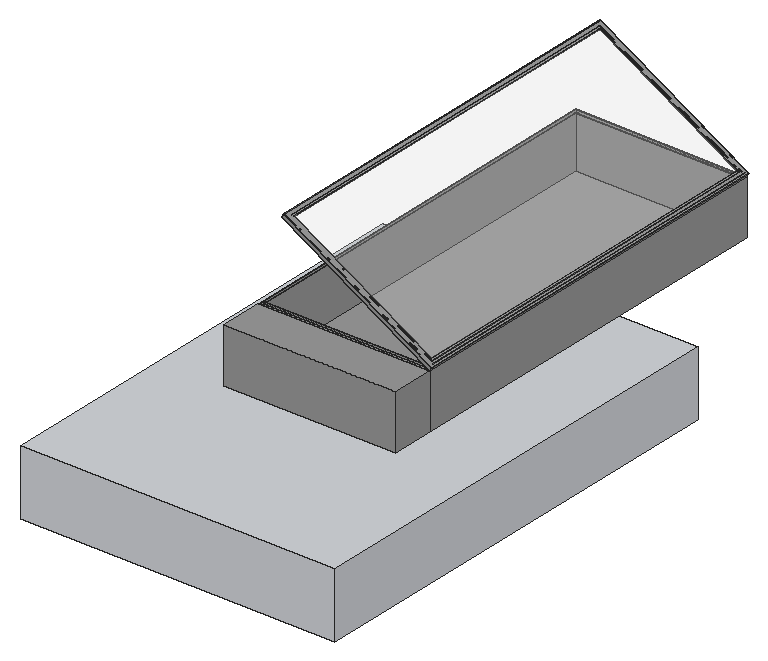
Revit family "Hager-Univers-IP55-D275-H2050-Cl.I-Steel_encl-PL-pl", category Equipement électrique, Revit 2020
Family settings
  Hôte = Face
  Configuration du panneau = Deux colonnes, circuits au sein
  Cote de connecteur circulaire = Utiliser le diamètre
  Type d'élément = Tableau de raccordement
  Couper avec des vides une fois chargée = Non
  Partagée = Non
  Point de calcul de pièce = Non
Parameters (values of type "Montaż podłogowy IP55 S800 W2050 G275  - FR23K2")
  Width Control [instance] = if([EF000008 - Szerokość] > Min Width, [EF000008 - Szerokość], Min Width)  # 800 mm
  Commentaires du type = [HG000003 - Zakres]  # "Univers"
  Thickness Door [instance] = if([EF009171 - Drzwi/pokrywa z materiału o wysokiej wytrzymałości mechanicznej] > 3 mm, 3 mm, [EF009171 - Drzwi/pokrywa z materiału o wysokiej wytrzymałości mechanicznej])  # 1.5 mm
  Seal Frame Offset [instance] = 17 mm  # constant formula
  Plinth Visibility [instance] = [HG000027 - Wysokość cokołu] > 0 mm  # yes
  Model = ""
  Min Width [instance] = 100 mm  # constant formula
  Min Height [instance] = 100 mm  # constant formula
  Min Depth [instance] = (2 * [EF009170 - Obudowa z materiału o wysokiej wytrzymałości mechanicznej]) + 1 mm  # 4 mm
  Internal Frame Depth [instance] = (Door System Depth * 0.5)  # 9 mm
  Height Control [instance] = if([EF000040 - Wysokość] > Min Height, [EF000040 - Wysokość], Min Height)  # 2050 mm
  HG000027 - Wysokość cokołu = 200 mm
  HG000026 - Stojąca = yes
  HG000024 - Wysokość części dolnej = 800 mm
  HG000023 - Obudowa dwusekcyjna = no
  HG000016 - Widoczność drzwi w widoku 3D [instance] = yes
  HG000015 - Przestrzeń robocza - otwarcie drzwi [instance] = no
  HG000014 - Drzwi prawe [instance] = yes
  HG000013 - Drzwi lewe [instance] = not([HG000014 - Drzwi prawe])  # no
  HG000012 - Kąt otwarcia drzwi [instance] = 30.00°
  HG000010 - Drzwi asymetryczne = no
  HG000009 - Drzwi dwuskrzydłowe = no
  HG000006 - Montaż podtynkowy = no
  HG000004 - Referencja producenta = "FR23K2"
  HG000003 - Zakres = "Univers"
  HG000002 - Z drzwiami lub pokrywą = yes
  Frame Offset Bottom [instance] = 10 mm  # constant formula
  Frame Offset [instance] = 15 mm  # constant formula
  EF015940 - Pokrywa z wyzwalaczem nadciśnieniowym = no
  EF011959 - Stopień ochrony (NEMA) = ""
  EF009554 - Liczba otworów pod flansze = 6
  Fabricant = "Hager"  # constant formula
  EF009212 - Wykonanie pokrywy = "EV000116 - Zamknięty"
  EF009171 - Drzwi/pokrywa z materiału o wysokiej wytrzymałości mechanicznej = 1.5 mm
  EF009170 - Obudowa z materiału o wysokiej wytrzymałości mechanicznej = 1.5 mm
  EF008873 - Prąd znamionowy (In) = 800 A
  EF007800 - Do ochrony odgromowej = no
  EF006306 - Z zamkiem = no
  EF006244 - Transparentna pokrywa/drzwi = yes
  EF005474 - Stopień ochrony (IP) = "EV006420 - IP55"
  EF004464 - Rodzaj drzwi = "EV002646 - Pojedynczy"
  EF004427 - Liczba modułów = 432
  EF004293 - Odporność udarowa = "EV008784 - IK10"
  EF003532 - Do zastosowań zewnętrznych = no
  EF002950 - Szerokość wyrażona liczbą modułów = 24
  EF001613 - Podtrzymanie funkcji = "EV000494 - Brak"
  EF001596 - Materiał obudowy = "EV000179 - Stal"
  EF001131 - Głębokość wewnętrzna = 275 mm
  EF001088 - Możliwość rozbudowy = yes
  EF000437 - Liczba wejść kablowych = 6
  EF000339 - Rodzaj pokrywy = "EV004216 - Drzwi"
  EF000266 - Liczba rzędów = 12
  EF000218 - Głębokość wbudowania = 0 mm
  EF000118 - Z płytą montażową = no
  EF000116 - Numer RAL = "7035"
  EF000049 - Głębokość = 275 mm
  EF000040 - Wysokość = 2050 mm
  EF000008 - Szerokość = 800 mm
  EF000007 - Kolor = "EV000270 - Szary"
  EF000003 - Sposób montażu = "EV012274 - Montaż podłogowy"
  Door System Leaf Tolerance [instance] = 1.5 mm  # constant formula
  Door System Depth [instance] = 18 mm  # constant formula
  Door Height [instance] = Height Control - [HG000027 - Wysokość cokołu]  # 1850 mm
  Depth Control [instance] = if([EF000049 - Głębokość] > Min Depth, [EF000049 - Głębokość], Min Depth)  # 275 mm
  Default Elevation = 0 mm
  Connector Offset [instance] = Height Control / 2  # 1025 mm
  Bottom Top Plate Trim [instance] = 1.5 mm  # constant formula
  Plinth height Ctrl [instance] = if([HG000027 - Wysokość cokołu] > 0 mm, [HG000027 - Wysokość cokołu], 12 mm)  # 200 mm
Types (11, lengths in mm): name | Width Control | HG000010 - Drzwi asymetryczne | HG000009 - Drzwi dwuskrzydłowe | HG000004 - Referencja producenta | EF009554 - Liczba otworów pod flansze | EF006244 - Transparentna pokrywa/drzwi | EF004464 - Rodzaj drzwi | EF004427 - Liczba modułów | EF000437 - Liczba wejść kablowych | EF000008 - Szerokość
  Montaż podłogowy IP55 S1050 W2050 G275  - FR24E2 | 1050 | yes | yes | "FR24E2" | 8 | no | "EV003602 - Podwójny" | 576 | 8 | 1050
  Montaż podłogowy IP55 S1050 W2050 G275  - FR24K2 | 1050 | yes | yes | "FR24K2" | 8 | yes | "EV003602 - Podwójny" | 576 | 8 | 1050
  Montaż podłogowy IP55 S1300 W2050 G275  - FR25E2 | 1300 | yes | yes | "FR25E2" | 10 | no | "EV003602 - Podwójny" | 720 | 10 | 1300
  Montaż podłogowy IP55 S1300 W2050 G275  - FR25K2 | 1300 | yes | yes | "FR25K2" | 10 | yes | "EV003602 - Podwójny" | 720 | 10 | 1300
  Montaż podłogowy IP55 S1550 W2050 G275  - FR26E2 | 1550 | yes | yes | "FR26E2" | 12 | no | "EV003602 - Podwójny" | 864 | 12 | 1550
  Montaż podłogowy IP55 S1550 W2050 G275  - FR26K2 | 1550 | yes | yes | "FR26K2" | 12 | yes | "EV003602 - Podwójny" | 864 | 12 | 1550
  Montaż podłogowy IP55 S300 W2050 G275  - FR21E2 | 300 | no | no | "FR21E2" | 2 | no | "EV002646 - Pojedynczy" | 144 | 2 | 300
  Montaż podłogowy IP55 S550 W2050 G275  - FR22E2 | 550 | no | no | "FR22E2" | 4 | no | "EV002646 - Pojedynczy" | 288 | 4 | 550
  Montaż podłogowy IP55 S550 W2050 G275  - FR22K2 | 550 | no | no | "FR22K2" | 4 | yes | "EV002646 - Pojedynczy" | 288 | 4 | 550
  Montaż podłogowy IP55 S800 W2050 G275  - FR23E2 | 800 | no | no | "FR23E2" | 6 | no | "EV002646 - Pojedynczy" | 432 | 6 | 800
  Montaż podłogowy IP55 S800 W2050 G275  - FR23K2 | 800 | no | no | "FR23K2" | 6 | yes | "EV002646 - Pojedynczy" | 432 | 6 | 800
Reference planes
  plane 1 "Center (Front/Back)": y = 0
  plane 2: z = 0
  plane 3 "Center (Left/Right)": x = 0
  plane 4: z = 275
  plane 5: y = 201.5
  plane 6: y = 1125
  plane 7: y = 200
  plane 8: y = 2050
  plane 9: z = 0
  plane 10: x = -385
  plane 11: x = 385
  plane 12: x = 383.5
  plane 13: x = -383.5
  plane 14: y = 2048.5
  plane 15: x = -383
  plane 16: x = -400
  plane 17: x = 383
  plane 18: x = 400
  plane 19: x = 398.5
  plane 20: x = -398.5
  plane 21: y = 211.5
  plane 22: y = 2050
  plane 23: y = 2033.5
  plane 24: z = 257
  plane 25: z = 1.5
  plane 26: z = 255.5
  plane 27: z = 273.5
Forms (mm)
  Extrusion 1, solid
    sketch origin (0, 0, 0) x (1, 0, 0) y (0, 1, 0)
      loop
        line (-702.964, 1305) -> (-702.964, -811.445) -> (766.763, -811.445) -> (766.763, 1305) -> (-702.964, 1305)
    from 0 to -304.8
  Extrusion 2, solid, material "Hager_Steel_RAL7035_Light_Grey", visible <- "Plinth Visibility", detail levels medium+fine
    sketch origin (0, 0, 0) x (1, 0, 0) y (0, 1, 0)
      loop
        line (-400, 0) -> (400, 0) -> (400, 200) -> (-400, 200) -> (-400, 0)
    from 0 to 257
  Extrusion 3, solid, material "Hager_Steel_RAL7035_Light_Grey", detail levels medium+fine
    sketch origin (0, 0, 0) x (1, 0, 0) y (0, 1, 0)
      loop
        line (-400, 200) -> (400, 200) -> (400, 2050) -> (-400, 2050) -> (-400, 200)
    from 0 to 257
  Extrusion 4, void
    sketch origin (0, 0, 0) x (1, 0, 0) y (0, 1, 0)
      loop
        line (-398.5, 201.5) -> (398.5, 201.5) -> (398.5, 2048.5) -> (-398.5, 2048.5) -> (-398.5, 201.5)
    from 1.5 to 255.5
  Extrusion 5, void
    sketch origin (-381.607, -4572, 257) x (0, -1, 0) y (-1, 0, 0)
      loop
        line (-4783.5, 1.893) -> (-6605.5, 1.893) -> (-6605.5, -765.107) -> (-4783.5, -765.107) -> (-4783.5, 1.893)
    from 0 to 1.5 <- "EF009170 - Obudowa z materiału o wysokiej wytrzymałości mechanicznej"
  Extrusion 6, solid, material "Hager_Steel_RAL7035_Light_Grey", detail levels fine
    sketch origin (0, 0, 257) x (1, 0, 0) y (0, 1, 0)
      loop
        line (-383.5, 2033.5) -> (-383.5, 211.5) -> (383.5, 211.5) -> (383.5, 2033.5) -> (-383.5, 2033.5)
      loop
        line (-385, 210) -> (385, 210) -> (385, 2035) -> (-385, 2035) -> (-385, 210)
    from 0 to 9 <- "Internal Frame Depth"
  Extrusion 7, solid, material "Hager_Steel_RAL7035_Light_Grey", detail levels coarse
    sketch origin (0, 0, 0) x (1, 0, 0) y (0, 1, 0)
      loop
        line (-400, 0) -> (400, 0) -> (400, 2050) -> (-400, 2050) -> (-400, 0)
    from 0 to 275
  Sweep 8, void
    path in 3D
      loop
        line (-400, 200, 0) -> (400, 200, 0) -> (400, 200, 257) -> (-400, 200, 257) -> (-400, 200, 0)
    profile origin (-400, 200, 128.5) x (-1, 0, 0) y (0, -1, 0)
      loop
        line (0, 0) -> (0, 1.5) -> (-1.5, 1.5)
        arc (-1.5, 1.5) -> (-1.061, 0.439) -> (0, 0) r 1.5
Cuts and joins
  Extrusion 4, Extrusion 5 cuts Extrusion 3
  Sweep 8 cuts Extrusion 2
Lines and regions (mm)
  Masking region 1
    outline origin (0, 0, 0) x (1, 0, 0) y (0, 0, 1)
      loop
        line (-400, 275) -> (-400, 0) -> (400, 0) -> (400, 275) -> (-400, 275)
  Masking region 2, detail levels medium+fine
    outline origin (0, 140, 0) x (0, 1, 0) y (0, 0, 1)
      loop
        line (60, 0) -> (1910, 0) -> (1910, 257) -> (60, 257) -> (60, 0)
  Masking region 3, not visible, detail levels medium+fine
    outline origin (0, 297.922, 0) x (0, 1, 0) y (0, 0, 1)
      loop
        line (838.578, 0) -> (878.578, 0) -> (878.578, 263.5)
        arc (878.578, 263.5) -> (875.649, 270.571) -> (868.578, 273.5) r 10
        line (868.578, 273.5) -> (838.578, 273.5) -> (838.578, 0)
  Masking region 4, detail levels coarse
    outline origin (0, 0, 180) x (0, 1, 0) y (0, 0, 1)
      loop
        line (0, -180) -> (2050, -180) -> (2050, 95) -> (0, 95) -> (0, -180)
  Masking region 5, visible <- "Plinth Visibility", detail levels medium+fine
    outline origin (0, 52.24, 12.345) x (0, 0, -1) y (0, 1, 0)
      loop
        line (10.845, 147.76) -> (-243.155, 147.76)
        arc (-243.155, 147.76) -> (-243.594, 146.699) -> (-244.655, 146.26) r 1.5
        line (-244.655, 146.26) -> (-244.655, -52.24) -> (12.345, -52.24) -> (12.345, 146.26)
        arc (12.345, 146.26) -> (11.285, 146.699) -> (10.845, 147.76) r 1.5
  Masking region 6, detail levels medium+fine
    outline origin (-381.607, -4572, 257) x (-1, 0, 0) y (0, -1, 0)
      loop
        line (18.393, -6622) -> (18.393, -4772) -> (-781.607, -4772) -> (-781.607, -6622) -> (18.393, -6622)
  Masking region 7, visible <- "Plinth Visibility", detail levels medium+fine
    outline origin (-381.607, -4727, 257) x (-1, 0, 0) y (0, -1, 0)
      loop
        arc (16.893, -4927) -> (17.332, -4925.939) -> (18.393, -4925.5) r 1.5
        line (18.393, -4925.5) -> (18.393, -4727) -> (-781.607, -4727) -> (-781.607, -4925.5)
        arc (-781.607, -4925.5) -> (-780.546, -4925.939) -> (-780.107, -4927) r 1.5
        line (-780.107, -4927) -> (16.893, -4927)
  Masking region 8, detail levels coarse
    outline origin (-442.548, -4669.526, 257) x (-1, 0, 0) y (0, -1, 0)
      loop
        line (-42.548, -6719.526) -> (-42.548, -4669.526) -> (-842.548, -4669.526) -> (-842.548, -6719.526) -> (-42.548, -6719.526)
  sketch lines
    curve 1: line (-400, 200, 257) -> (-400, 200, 0)
    curve 2: line (400, 200, 257) -> (-400, 200, 257)
    curve 3: line (400, 200, 257) -> (400, 200, 0)
    curve 4: line (-400, 200, 0) -> (400, 200, 0)
Dimensions and locks
  "Depth Control": plane 4 to Extrusion 1
  "HG000027 - Wysokość cokołu": plane 1 "Center (Front/Back)" to plane 7
  "EF009170 - Obudowa z materiału o wysokiej wytrzymałości mechanicznej": plane 5 to plane 7
  locked: connector elem to plane 3 "Center (Left/Right)"
  equal spacing: plane 8, plane 6, plane 7
  locked: connector elem to plane 6
  "EF009170 - Obudowa z materiału o wysokiej wytrzymałości mechanicznej": plane 8 to plane 14
  "EF009170 - Obudowa z materiału o wysokiej wytrzymałości mechanicznej": plane 10 to plane 13
  "EF009170 - Obudowa z materiału o wysokiej wytrzymałości mechanicznej": plane 12 to plane 11
  "Frame Offset": plane 20 to plane 13
  "Frame Offset": plane 12 to plane 19
  "EF009170 - Obudowa z materiału o wysokiej wytrzymałości mechanicznej": plane 16 to plane 20
  "EF009170 - Obudowa z materiału o wysokiej wytrzymałości mechanicznej": plane 19 to plane 18
  "Seal Frame Offset": plane 16 to plane 15
  "Seal Frame Offset": plane 17 to plane 18
  "Frame Offset Bottom": plane 21 to plane 5
  "Frame Offset": plane 14 to plane 23
  equal spacing: plane 16, plane 3 "Center (Left/Right)", plane 18
  "Width Control": plane 16 to plane 18
  "EF009170 - Obudowa z materiału o wysokiej wytrzymałości mechanicznej": plane 4 to plane 27
  "EF009170 - Obudowa z materiału o wysokiej wytrzymałości mechanicznej": plane 24 to plane 26
  "EF009170 - Obudowa z materiału o wysokiej wytrzymałości mechanicznej": plane 25 to level
  "Door System Depth": plane 4 to plane 24
  "Height Control": plane 1 "Center (Front/Back)" to Extrusion 7 sketch curve
  "Height Control": Masking region 4 sketch curve to plane 1 "Center (Front/Back)"
  "Height Control": plane 1 "Center (Front/Back)" to plane 22
  "Bottom Top Plate Trim": profile plane to Sweep 8 sketch curve
  "Bottom Top Plate Trim": Sweep 8 sketch curve to profile plane
  "Plinth height Ctrl": plane 1 "Center (Front/Back)" to Extrusion 2 sketch curve
  "Plinth height Ctrl": Masking region 5 sketch curve to plane 1 "Center (Front/Back)"
  "Plinth height Ctrl": plane 1 "Center (Front/Back)" to Masking region 7 sketch curve
  "Thickness Door": Extrusion 6 sketch curve to Extrusion 6 sketch curve  (x3)
  "Thickness Door": cut or joined group of Extrusion 3, Extrusion 4, Extrusion 5 to Extrusion 6 sketch curve
  radius of Masking region 3 sketch curve = 10 mm
  "Bottom Top Plate Trim": radius of Masking region 5 sketch curve  (x2)
  "Bottom Top Plate Trim": radius of Sweep 8 sketch curve
  "Bottom Top Plate Trim": radius of Masking region 7 sketch curve  (x2)
  aligned and locked: plane 2 to Extrusion 1
  aligned and locked: level to Extrusion 1
  aligned and locked: level to Masking region 1 sketch curve
  aligned and locked: Masking region 1 sketch curve to plane 18
  aligned and locked: Masking region 1 sketch curve to plane 16
  aligned and locked: plane 7 to Masking region 2 sketch curve
  aligned and locked: level to Masking region 3 sketch curve
  aligned and locked: Masking region 3 sketch curve to plane 27
  aligned and locked: level to Masking region 2 sketch curve
  aligned and locked: plane 1 "Center (Front/Back)" to Extrusion 2 sketch curve
  aligned and locked: Extrusion 3 sketch curve to plane 7
  aligned and locked: plane 16 to Extrusion 3 sketch curve
  aligned and locked: plane 18 to Extrusion 3 sketch curve
  aligned and locked: plane 20 to Extrusion 4 sketch curve
  aligned and locked: plane 19 to Extrusion 4 sketch curve
  aligned and locked: Extrusion 4 sketch curve to plane 5
  aligned and locked: Extrusion 4 to plane 25
  aligned and locked: plane 26 to Extrusion 4
  aligned and locked: plane 24 to Extrusion 3
  aligned and locked: Extrusion 5 sketch curve to plane 21
  aligned and locked: Extrusion 5 sketch curve to plane 13
  aligned and locked: Extrusion 5 sketch curve to plane 12
  aligned and locked: plane 18 to Extrusion 7 sketch curve
  aligned and locked: plane 1 "Center (Front/Back)" to Extrusion 7 sketch curve
  aligned and locked: plane 16 to Extrusion 7 sketch curve
  aligned and locked: plane 4 to Extrusion 7
  aligned and locked: Extrusion 7 to level
  aligned and locked: level to Masking region 4 sketch curve
  aligned and locked: Masking region 4 sketch curve to plane 1 "Center (Front/Back)"
  aligned and locked: Masking region 4 sketch curve to plane 4
  aligned and locked: nested 1 to level
  aligned and locked: nested 1 to plane 16
  aligned and locked: plane 8 to Extrusion 3 sketch curve
  aligned and locked: plane 23 to Extrusion 5 sketch curve
  aligned and locked: plane 14 to Extrusion 4 sketch curve
  aligned and locked: Masking region 2 sketch curve to plane 8
  aligned and locked: level to Masking region 5 sketch curve
  aligned and locked: plane 16 to Extrusion 2 sketch curve
  aligned and locked: plane 18 to Extrusion 2 sketch curve
  aligned and locked: Masking region 5 sketch curve to plane 24
  aligned and locked: Masking region 2 sketch curve to plane 24
  aligned and locked: plane 24 to Extrusion 2
  aligned and locked: profile plane to Sweep 8 sketch curve  (x2)
  aligned and locked: Masking region 6 sketch curve to plane 18
  aligned and locked: Masking region 6 sketch curve to plane 22
  aligned and locked: Masking region 6 sketch curve to plane 16
  aligned and locked: plane 8 to plane 22
  aligned and locked: Masking region 6 sketch curve to plane 7
  aligned and locked: Masking region 7 sketch curve to plane 16
  aligned and locked: Masking region 7 sketch curve to plane 1 "Center (Front/Back)"
  aligned and locked: Masking region 7 sketch curve to plane 18
  aligned and locked: Masking region 8 sketch curve to plane 1 "Center (Front/Back)"
  aligned and locked: Masking region 8 sketch curve to plane 18
  aligned and locked: Masking region 8 sketch curve to plane 22
  aligned and locked: Masking region 8 sketch curve to plane 16
  aligned and locked: nested 2 to plane 7
  aligned and locked: plane 3 "Center (Left/Right)" to nested 2
  aligned and locked: nested 2 to plane 24
  aligned and locked: Extrusion 6 sketch curve to cut or joined group of Extrusion 3, Extrusion 4, Extrusion 5  (x4)
Automatic sketch dimensions
  Extrusion 1 sketch curve to Extrusion 1 sketch curve = 1469.727 mm
  Extrusion 1 sketch curve to Extrusion 1 sketch curve = 2116.445 mm
  Masking region 1 sketch curve to plane 4 = 0 mm
  plane 6 to Masking region 3 sketch curve = 11.5 mm
  Masking region 3 sketch curve to Masking region 3 sketch curve = 30 mm
  Masking region 5 sketch curve to plane 1 "Center (Front/Back)" = 0 mm
Nested families
  nested 1: "Hager_Enclosure_Symbol" at (-400, 0, 0) x (1, 0, 0) z (0, -1, 0), Height <- "Depth Control", Width <- "Width Control", type "Hager_Enclosure_Symbol"
    with Width_Ctrl 800 mm, Width 800 mm, Height_Ctrl 275 mm, Height 275 mm, A_Width_Int 18.047 mm, A_Width 216.562 mm, A_Height_Ctrl 240.625 mm, A_Height 240.625 mm
  nested 2: "EC000058_Univers_Door" at (0, 200, 257) x (1, 0, 0) z (0, 1, 0), Leaf_Tolerance <- "Door System Leaf Tolerance", Angle <- "HG000012 - Kąt otwarcia drzwi", Door_Depth <- "Door System Depth", Door_Left <- "HG000013 - Drzwi lewe", Transparent <- "EF006244 - Transparentna pokrywa/drzwi", Assymetrical <- "HG000010 - Drzwi asymetryczne", Width <- "Width Control", Clearance <- "HG000015 - Przestrzeń robocza - otwarcie drzwi", Double <- "HG000009 - Drzwi dwuskrzydłowe", 3d_Door <- "HG000016 - Widoczność drzwi w widoku 3D", Lock_Visibility <- "EF006306 - Z zamkiem", Width_Ctrl <- "Width Control", Door_Right <- "HG000014 - Drzwi prawe", Door <- "HG000002 - Z drzwiami lub pokrywą", Height <- "Door Height", Thickness <- "Thickness Door", type "EC000058_Univers_Door", detail levels medium+fine
    with min_wh 4 mm, Width_Ctrl 800 mm, Width 800 mm, Transparent yes, Thickness 1.5 mm, Seal_Material Hager_Rubber, Lock_Visibility no, Lock_Material Hager_Plastic_RAL9005_Jet_Black, Leaf_Width 800 mm, Leaf_Tolerance_External_Sides 0 mm, Leaf_Tolerance 1.5 mm, Leaf_Offset 0 mm, Leaf_Height 1847 mm, Leaf_2_Width 800 mm, Leaf_2_Offset 400 mm, Leaf_1_Width 800 mm, Leaf_1_Offset 400 mm, Height_Ctrl 1850 mm, Height 1850 mm, Glass_Material Hager_Glass, Double_Clearance_Ctrl no, Double no, Door_Right_Ctrl yes, Door_Right yes, Door_Material Hager_Steel_RAL7035_Light_Grey, Door_Left_Ctrl no, Door_Left no, Door_Depth 18 mm, Door yes, Clearance_Material Hager_Clearance, Clearance_Depth 800 mm, Clearance_Ctrl no, Clearance no, Assymetrical no, Angle 30.00°, 3d_Door yes
Connectors
  electrical at (0, 1125, 0)
    settings: on plane 9, index 1, voltage 0 V, apparent load 0 VA, apparent load phase1 0 VA, apparent load phase2 0 VA, apparent load phase3 0 VA, power factor 1, load classification "Other", number of poles 1, system type 30, power factor state 1, is connector primary yes, connector utility no, sub classification motor no, connector description ""
Definition of nested family "EC000058_Univers_Door"
  Parameters (values of type "EC000058_Univers_Door")
    min_wh [instance] = (2 * Thickness) + 1 mm  # 11 mm
    Width_Ctrl [instance] = 400 mm
    Width [instance] = 500 mm
    Transparent [instance] = yes
    Thickness [instance] = 5 mm
    Seal_Material [instance] = none
    Lock_Visibility [instance] = yes
    Lock_Material [instance] = none
    Leaf_Width [instance] = if((Width_Ctrl - 2 * Leaf_Tolerance_External_Sides) > 0 mm, (Width_Ctrl - 2 * Leaf_Tolerance_External_Sides), min_wh)  # 400 mm
    Leaf_Tolerance_External_Sides [instance] = 0 mm  # constant formula
    Leaf_Tolerance [instance] = 1.5 mm
    Leaf_Offset [instance] = 0 mm  # constant formula
    Leaf_Height [instance] = if((Height_Ctrl - 2 * Leaf_Tolerance) > 0 mm, (Height_Ctrl - 2 * Leaf_Tolerance), min_wh)  # 497 mm
    Leaf_2_Width [instance] = if(and(and(Double, Assymetrical), Door_Left), (Leaf_Width / 3) - (Leaf_Tolerance / 2), if(and(and(Double, Assymetrical), Door_Right), (Leaf_Width / 3) * 2 - (Leaf_Tolerance / 2), if(and(Double, not(Assymetrical)), (Leaf_Width / 2) - Leaf_Tolerance, Leaf_Width)))  # 400 mm
    Leaf_2_Offset [instance] = if(and(Double, Assymetrical), Leaf_2_Width / 2, if(and(Double, not(Assymetrical)), Leaf_Width / 4, Leaf_Width / 2))  # 200 mm
    Leaf_1_Width [instance] = if(and(and(Double, Assymetrical), Door_Right), (Leaf_Width / 3) - (Leaf_Tolerance / 2), if(and(and(Double, Assymetrical), Door_Left), (Width / 3) * 2 - (Leaf_Tolerance / 2), if(and(Double, not(Assymetrical)), (Leaf_Width / 2) - Leaf_Tolerance, Leaf_Width)))  # 400 mm
    Leaf_1_Offset [instance] = if(and(Double, Assymetrical), Leaf_1_Width / 2, if(and(Double, not(Assymetrical)), Leaf_Width / 4, Leaf_Width / 2))  # 200 mm
    Height_Ctrl [instance] = if(Height > min_wh, Height, min_wh)  # 500 mm
    Height [instance] = 500 mm
    Glass_Material [instance] = none
    Double_Clearance_Ctrl [instance] = and(Double, Clearance)  # no
    Double [instance] = no
    Door_Right_Ctrl [instance] = and(or(Door_Right, Double), Door)  # yes
    Door_Right [instance] = yes
    Door_Material [instance] = none
    Door_Left_Ctrl [instance] = and(or(Door_Left, Double), Door)  # no
    Door_Left [instance] = no
    Door_Depth [instance] = 30 mm
    Door [instance] = yes
    Default Elevation = 1219.2 mm
    Clearance_Material [instance] = none
    Clearance_Depth [instance] = if(Leaf_1_Width > Leaf_2_Width, Leaf_1_Width, Leaf_2_Width)  # 400 mm
    Clearance_Ctrl [instance] = and(not(Double), Clearance)  # yes
    Clearance [instance] = yes
    Assymetrical [instance] = yes
    Angle [instance] = 30.00°
    3d_Door [instance] = yes
  Reference planes
    plane 1 "Center (Front/Back)": y = 0
    plane 2 "Bottom": z = 0
    plane 3 "Center (Left/Right)": x = 0
    plane 4: z = 500
    plane 5: x = -200
    plane 6: x = 200
    plane 7: z = 500
    plane 8: x = -200
    plane 9: z = 0
    plane 10: x = 200
    plane 11: y = 0
    plane 12: z = 1.5
    plane 13: x = -600
    plane 14: y = -400
    plane 15: x = 600
    plane 16: x = 0
    plane 17: x = 0
    plane 18: x = -200
    plane 19: x = 200
    plane 20: z = 498.5
  Forms (mm)
    Extrusion 1, solid, material <- "Clearance_Material", visible <- "Double_Clearance_Ctrl"
      sketch origin (1200, 0, 0) x (1, 0, 0) y (0, 0, -1)
        loop
          line (-1800, -498.5) -> (-600, -498.5) -> (-600, 0) -> (-1800, 0) -> (-1800, -498.5)
      from 0 to -400
  Dimensions and locks
    equal spacing: plane 5, plane 3 "Center (Left/Right)", plane 6
    "Width_Ctrl": plane 5 to plane 6
    "Leaf_Offset": plane 5 to plane 8
    "Leaf_Offset": plane 6 to plane 10
    "Leaf_Offset": plane 9 to level
    "Leaf_Offset": plane 4 to plane 7
    "Height_Ctrl": plane 4 to level
    "Leaf_Tolerance": plane 12 to plane 9
    locked: plane 11 to plane 1 "Center (Front/Back)"
    "Leaf_1_Offset": plane 18 to plane 16
    "Leaf_2_Offset": plane 17 to plane 19
    "Leaf_1_Width": plane 13 to plane 8
    "Leaf_2_Width": plane 10 to plane 15
    "Clearance_Depth": plane 14 to plane 1 "Center (Front/Back)"
    "Leaf_Tolerance_External_Sides": plane 8 to plane 18
    "Leaf_Tolerance_External_Sides": plane 19 to plane 10
    "Leaf_Tolerance": plane 7 to plane 20
    aligned and locked: level to plane 2 "Bottom"
    aligned and locked: nested 1 to plane 16
    aligned and locked: nested 2 to plane 17
    aligned and locked: Extrusion 1 to plane 13
    aligned and locked: plane 15 to Extrusion 1
    aligned and locked: Extrusion 1 to plane 14
    aligned and locked: plane 12 to nested 1
    aligned and locked: nested 2 to plane 12
    aligned and locked: Extrusion 1 to plane 11
    aligned and locked: plane 20 to Extrusion 1
    aligned and locked: nested 2 to plane 11
    aligned and locked: nested 1 to plane 11
  Automatic sketch dimensions
    Extrusion 1 sketch curve to level = 0 mm
    plane 5 to Extrusion 1 sketch curve = 400 mm
    plane 6 to Extrusion 1 sketch curve = 400 mm
    Extrusion 1 sketch curve to plane 4 = 1.5 mm
  Nested families
    nested 1: "EC000058_Univers_Door_Leaf" at (0, 0, 1.5), Width <- "Leaf_1_Width", visible <- "Door_Left_Ctrl", Leaf_Height <- "Leaf_Height", Angle <- "Angle", 3d_Door <- "3d_Door", Transparent <- "Transparent", Clearance Material <- "Clearance_Material", Clearance <- "Clearance_Ctrl", Door_Material <- "Door_Material", Glass_Material <- "Glass_Material", Door_Depth <- "Door_Depth", Lock_Material <- "Lock_Material", Seal_Material <- "Seal_Material", Lock_Visibility <- "Lock_Visibility", Thickness <- "Thickness", type "EC000058_Univers_Door_Leaf"
      with Width 400 mm, Transparent_Glass_Offset 30 mm, Transparent_Ctrl yes, Transparent yes, Thickness 5 mm, Standard no, Seal_Material none, Seal_D2 8 mm, Seal_D1 1 mm, Offset_Internal_Frame 10 mm, Lock_Width 20 mm, Lock_Visibility_3d yes, Lock_Visibility yes, Lock_Thickness_3 3 mm, Lock_Thickness_2 1 mm, Lock_Thickness_1 3 mm, Lock_Radius_Offset_2 16 mm, Lock_Radius_Offset_1 15 mm, Lock_Radius_2 5 mm, Lock_Radius 6 mm, Lock_Offset 5 mm, Lock_Material none, Lock_Height 80 mm, Lock_Cover_Top_Offset_2d 17 mm, Lock_Cover_Height -65 mm, Leaf_Height 497 mm, Internal_Seal_Thickness 8 mm, Internal_Seal_Depth_2 4.5 mm, Internal_Frame_Depth 25 mm, Glass_Thickness -1 mm, Glass_Offset -2 mm, Glass_Material none, Door_Material none, Door_Depth 30 mm, Clearance Material none, Clearance yes, Angle_Ctrl 30.00°, Angle 30.00°, 3d_Door yes
    nested 2: "EC000058_Univers_Door_Leaf" at (0, 0, 1.5) x (-1, 0, 0) z (0, 0, 1), Width <- "Leaf_2_Width", visible <- "Door_Right_Ctrl", Leaf_Height <- "Leaf_Height", Angle <- "Angle", 3d_Door <- "3d_Door", Transparent <- "Transparent", Clearance Material <- "Clearance_Material", Clearance <- "Clearance_Ctrl", Door_Material <- "Door_Material", Glass_Material <- "Glass_Material", Door_Depth <- "Door_Depth", Lock_Material <- "Lock_Material", Seal_Material <- "Seal_Material", Lock_Visibility <- "Lock_Visibility", Thickness <- "Thickness", type "EC000058_Univers_Door_Leaf"
      with Width 400 mm, Transparent_Glass_Offset 30 mm, Transparent_Ctrl yes, Transparent yes, Thickness 5 mm, Standard no, Seal_Material none, Seal_D2 8 mm, Seal_D1 1 mm, Offset_Internal_Frame 10 mm, Lock_Width 20 mm, Lock_Visibility_3d yes, Lock_Visibility yes, Lock_Thickness_3 3 mm, Lock_Thickness_2 1 mm, Lock_Thickness_1 3 mm, Lock_Radius_Offset_2 16 mm, Lock_Radius_Offset_1 15 mm, Lock_Radius_2 5 mm, Lock_Radius 6 mm, Lock_Offset 5 mm, Lock_Material none, Lock_Height 80 mm, Lock_Cover_Top_Offset_2d 17 mm, Lock_Cover_Height -65 mm, Leaf_Height 497 mm, Internal_Seal_Thickness 8 mm, Internal_Seal_Depth_2 4.5 mm, Internal_Frame_Depth 25 mm, Glass_Thickness -1 mm, Glass_Offset -2 mm, Glass_Material none, Door_Material none, Door_Depth 30 mm, Clearance Material none, Clearance yes, Angle_Ctrl 30.00°, Angle 30.00°, 3d_Door yes
  Definition of nested family "EC000058_Univers_Door_Leaf"
    Parameters (values of type "EC000058_Univers_Door_Leaf")
      Width [instance] = 2000 mm
      Transparent_Glass_Offset [instance] = 30 mm
      Transparent_Ctrl [instance] = and(Transparent, [3d_Door])  # yes
      Transparent [instance] = yes
      Thickness [instance] = 5 mm
      Standard [instance] = and(not(Transparent), [3d_Door])  # no
      Seal_Material [instance] = none
      Seal_D2 [instance] = 8 mm  # constant formula
      Seal_D1 [instance] = 1 mm  # constant formula
      Offset_Internal_Frame [instance] = 10 mm  # constant formula
      Lock_Width [instance] = 20 mm  # constant formula
      Lock_Visibility_3d [instance] = and(Lock_Visibility, [3d_Door])  # yes
      Lock_Visibility [instance] = yes
      Lock_Thickness_3 [instance] = 3 mm  # constant formula
      Lock_Thickness_2 [instance] = 1 mm  # constant formula
      Lock_Thickness_1 [instance] = 3 mm  # constant formula
      Lock_Radius_Offset_2 [instance] = Lock_Radius_Offset_1 + 1 mm  # 16 mm
      Lock_Radius_Offset_1 [instance] = 15 mm  # constant formula
      Lock_Radius_2 [instance] = Lock_Radius - 1 mm  # 5 mm
      Lock_Radius [instance] = 6 mm  # constant formula
      Lock_Offset [instance] = 5 mm  # constant formula
      Lock_Material [instance] = none
      Lock_Height [instance] = 80 mm  # constant formula
      Lock_Cover_Top_Offset_2d [instance] = Lock_Radius_Offset_2 + 1 mm  # 17 mm
      Lock_Cover_Height [instance] = -(Lock_Height - Lock_Radius_Offset_1)  # -65 mm
      Leaf_Height [instance] = 2720.336 mm
      Internal_Seal_Thickness [instance] = 8 mm  # constant formula
      Internal_Seal_Depth_2 [instance] = 4.5 mm  # constant formula
      Internal_Frame_Depth [instance] = if(Door_Depth - Thickness > 5 mm, Door_Depth - Thickness, 5 mm)  # 25 mm
      Glass_Thickness [instance] = if(Thickness > 15 mm, Glass_Offset + 10 mm, -1 mm)  # -1 mm
      Glass_Offset [instance] = if(Thickness > 15 mm, -(Thickness + 10 mm) / 2, -2 mm)  # -2 mm
      Glass_Material [instance] = none
      Door_Material [instance] = none
      Door_Depth [instance] = 30 mm
      Default Elevation = 0 mm
      Clearance Material [instance] = none
      Clearance [instance] = yes
      Angle_Ctrl [instance] = if(Angle > 180.00°, 180.00°, Angle)  # 90.00°
      Angle [instance] = 90.00°
      3d_Door [instance] = yes
    Reference planes
      plane 1 "Center (Front/Back)": y = 0
      plane 2: z = 0
      plane 3 "Center (Left/Right)": x = 0
      plane 4: y = 2000
      plane 5: x = -1000
      plane 6: x = 1000
      plane 7: x = -3000
      plane 8: z = 2720.336
      plane 9: z = 30
      plane 10: z = 2690.336
      plane 11: x = 970
      plane 12: x = -970
      plane 13: y = -3
      plane 14: z = 107.833
      plane 15: y = -5
      plane 16: y = -223.314
      plane 17: x = -1000
      plane 18: z = 1360.168
      plane 19: y = 30
    Forms (mm)
      Extrusion 1, solid, material <- "Clearance Material", visible <- "Clearance"
        sketch origin (0, 0, 0) x (1, 0, 0) y (0, 0, 1)
          loop
            line (-3000, 2720.336) -> (-3000, 0) -> (1000, 0) -> (1000, 2720.336) -> (-3000, 2720.336)
        from 0 to -2000
      Extrusion 2, solid, material <- "Door_Material", visible <- "Standard", detail levels medium+fine
        sketch origin (-1000, 0, 0) x (0, 1, 0) y (-1, 0, 0)
          loop
            line (0, 30) -> (0, 25) -> (2000, 25) -> (2000, 30) -> (0, 30)
        from 0 to 2720.336 <- "Leaf_Height"
      Extrusion 3, solid, material <- "Door_Material", visible <- "Transparent_Ctrl", detail levels medium+fine
        sketch origin (-1000, 0, 0) x (0, 1, 0) y (-1, 0, 0)
          loop
            line (0, 25) -> (2000, 25) -> (2000, 30) -> (0, 30) -> (0, 25)
        from 0 to 2720.336 <- "Leaf_Height"
      Extrusion 4, void
        sketch origin (-1025, 2000, 0) x (0, 1, 0) y (0, 0, -1)
          loop
            line (-30, -2690.336) -> (-30, -30) -> (-1970, -30) -> (-1970, -2690.336) -> (-30, -2690.336)
        from 0 to 5 <- "Thickness"
      Sweep 5, solid, material <- "Seal_Material", visible <- "Transparent_Ctrl", detail levels fine
        path in 3D
          loop
            line (-1025, 30, 30) -> (-1025, 30, 2690.336) -> (-1025, 1970, 2690.336) -> (-1025, 1970, 30) -> (-1025, 30, 30)
        profile origin (-1025, 1000, 30) x (1, 0, 0) y (0, 0, 1)
          loop
            line (0, 0) -> (0, -8) -> (1, -8) -> (1, 0) -> (0, 0)
      Extrusion 6, solid, material <- "Glass_Material", visible <- "Transparent_Ctrl", detail levels medium+fine
        sketch origin (-1030, 0, 0) x (0, 1, 0) y (0, 0, -1)
          loop
            line (1970, -2690.336) -> (1970, -30) -> (30, -30) -> (30, -2690.336) -> (1970, -2690.336)
        from -2 <- "Glass_Offset" to -1 <- "Glass_Thickness"
      Extrusion 7, solid, material <- "Door_Material", visible <- "3d_Door", detail levels medium+fine
        sketch origin (-1025, 2000, 0) x (0, -1, 0) y (0, 0, -1)
          loop
            line (0, -2720.336) -> (2000, -2720.336) -> (2000, 0) -> (0, 0) -> (0, -2720.336)
          loop
            line (1995, -5) -> (5, -5) -> (5, -2715.336) -> (1995, -2715.336) -> (1995, -5)
        from 0 to 25 <- "Internal_Frame_Depth"
      Sweep 8, solid, material <- "Seal_Material", visible <- "Transparent_Ctrl", detail levels fine
        path in 3D
          loop
            line (-1025, 0, 0) -> (-1025, 2000, 0) -> (-1025, 2000, 2720.336) -> (-1025, 0, 2720.336) -> (-1025, 0, 0)
        profile origin (-1025, 0, 1360.168) x (1, 0, 0) y (0, 1, 0)
          loop
            line (0, 10) -> (2.975, 10)
            arc (2.975, 10) -> (4.053, 10.447) -> (4.5, 11.525) r 1.525
            line (4.5, 11.525) -> (4.5, 16.527)
            arc (4.5, 16.527) -> (4.069, 17.569) -> (3.027, 18) r 1.473
            line (3.027, 18) -> (0, 18) -> (0, 10)
      Extrusion 9, solid, material <- "Lock_Material", visible <- "Lock_Visibility_3d", detail levels fine
        sketch origin (-1030, 0, 0) x (0, 1, 0) y (0, 0, -1)
          loop
            arc (1993.5, -1400.168) -> (1994.561, -1399.729) -> (1995, -1398.668) r 1.5
            line (1995, -1398.668) -> (1995, -1320.168) -> (1975, -1320.168) -> (1975, -1398.668)
            arc (1975, -1398.668) -> (1975.439, -1399.729) -> (1976.5, -1400.168) r 1.5
            line (1976.5, -1400.168) -> (1993.5, -1400.168)
        from 3 <- "Lock_Thickness_1" to 0
      Blend 10, solid, material <- "Lock_Material", visible <- "Lock_Visibility_3d", detail levels fine
        base sketch origin (-1033, 0, 0) x (0, 1, 0) y (0, 0, -1)
          loop
            line (1975, -1320.168) -> (1975, -1398.668)
            arc (1975, -1398.668) -> (1975.439, -1399.729) -> (1976.5, -1400.168) r 1.5
            line (1976.5, -1400.168) -> (1993.5, -1400.168)
            arc (1993.5, -1400.168) -> (1994.561, -1399.729) -> (1995, -1398.668) r 1.5
            line (1995, -1398.668) -> (1995, -1320.168) -> (1975, -1320.168)
        top sketch origin (-1033, 0, 0) x (0, 1, 0) y (0, 0, -1)
          loop
            line (1976, -1320.168) -> (1976, -1398.668)
            arc (1976, -1398.668) -> (1976.146, -1399.022) -> (1976.5, -1399.168) r 0.5
            line (1976.5, -1399.168) -> (1993.5, -1399.168)
            arc (1993.5, -1399.168) -> (1993.854, -1399.022) -> (1994, -1398.668) r 0.5
            line (1994, -1398.668) -> (1994, -1320.168) -> (1976, -1320.168)
        from 0 to 1 <- "Lock_Thickness_2"
      Blend 11, solid, material <- "Lock_Material", visible <- "Lock_Visibility_3d", detail levels fine
        base sketch origin (-1034, 0, 0) x (0, 1, 0) y (0, 0, -1)
          loop
            line (1978, -1320.168) -> (1978, -1384.168)
            arc (1978, -1384.168) -> (1985, -1391.168) -> (1992, -1384.168) r 7
            line (1992, -1384.168) -> (1992, -1320.168) -> (1978, -1320.168)
        top sketch origin (-1034, 0, 0) x (0, 1, 0) y (0, 0, -1)
          loop
            line (1991, -1320.168) -> (1979, -1320.168) -> (1979, -1383.168)
            arc (1979, -1383.168) -> (1985, -1389.168) -> (1991, -1383.168) r 6
            line (1991, -1383.168) -> (1991, -1320.168)
        from 0 to 3 <- "Lock_Thickness_3"
      Extrusion 12, solid, material <- "Lock_Material", visible <- "Lock_Visibility_3d", detail levels fine
        sketch origin (-1030, 1975, 1320.168) x (1, 0, 0) y (0, -1, 0)
          loop
            line (-7, -19) -> (-7, -1) -> (0, -1) -> (0, 0) -> (-8, 0) -> (-8, -20) -> (0, -20) -> (0, -19) -> (-7, -19)
        from 0 to -65 <- "Lock_Cover_Height"
      Extrusion 13, void
        sketch origin (-1038, 1995, 1320.168) x (-1, 0, 0) y (0, 0, -1)
          loop
            line (-5, -65) -> (0, -65) -> (-5, -60) -> (-5, -65)
        from 0 to 20 <- "Lock_Width"
      Extrusion 14, void
        sketch origin (-1038, 1975, 1320.168) x (0, -1, 0) y (0, 0, -1)
          loop
            circle (-10, -15.995) r 6
          loop
            circle (-10, -15.995) r 5
        from 0 to 2
      Extrusion 15, solid, material <- "Lock_Material", visible <- "Lock_Visibility_3d", detail levels medium
        sketch origin (-1030, 0, 0) x (0, 1, 0) y (0, 0, -1)
          loop
            arc (1993.5, -1400.168) -> (1994.561, -1399.729) -> (1995, -1398.668) r 1.5
            line (1995, -1398.668) -> (1995, -1320.168) -> (1975, -1320.168) -> (1975, -1398.668)
            arc (1975, -1398.668) -> (1975.439, -1399.729) -> (1976.5, -1400.168) r 1.5
            line (1976.5, -1400.168) -> (1993.5, -1400.168)
        from 8 to 0
    Cuts and joins
      Extrusion 4 cuts Extrusion 3
      Extrusion 13, Extrusion 14 cuts Extrusion 9
      Extrusion 14 cuts Blend 11
      Extrusion 13, Extrusion 14 cuts Extrusion 12
      joined: Extrusion 9, Blend 10, Blend 11, Extrusion 12
      Extrusion 14 cuts Extrusion 15
    Lines and regions (mm)
      Masking region 1, visible <- "Lock_Visibility", detail levels fine
        outline origin (0, 0, 0) x (0, 1, 0) y (0, 0, 1)
          loop
            line (30, 1320.168) -> (33, 1320.168) -> (33, 1400.168) -> (30, 1400.168) -> (30, 1320.168)
      Masking region 2, visible <- "Lock_Visibility", detail levels fine
        outline origin (0, 3.143, 0) x (0, 1, 0) y (0, 0, 1)
          loop
            line (29.857, 1354.168) -> (30.857, 1354.168) -> (30.857, 1366.168) -> (29.857, 1366.168) -> (29.857, 1354.168)
      Masking region 3, detail levels medium+fine
        outline origin (0, 0, 0) x (0, 1, 0) y (0, 0, 1)
          loop
            line (0, 0) -> (30, 0) -> (30, 2720.336) -> (0, 2720.336) -> (0, 0)
      Masking region 4, detail levels medium+fine
        outline origin (0, 0, 0) x (1, 0, 0) y (0, 0, 1)
          loop
            line (-1000, 2720.336) -> (-1000, 0) -> (1000, 0) -> (1000, 2720.336) -> (-1000, 2720.336)
      Masking region 5, visible <- "Lock_Visibility", detail levels fine
        outline origin (-47.116, 0, 0) x (1, 0, 0) y (0, 0, 1)
          loop
            arc (1024.616, 1399.168) -> (1023.556, 1398.729) -> (1023.116, 1397.668) r 1.5
            line (1023.116, 1397.668) -> (1023.116, 1320.168) -> (1041.116, 1320.168) -> (1041.116, 1397.668)
            arc (1041.116, 1397.668) -> (1040.677, 1398.729) -> (1039.616, 1399.168) r 1.5
            line (1039.616, 1399.168) -> (1024.616, 1399.168)
      Masking region 6, visible <- "Lock_Visibility", detail levels medium+fine
        outline origin (-25, 0, 0) x (1, 0, 0) y (0, 0, 1)
          loop
            arc (1001.5, 1400.168) -> (1000.439, 1399.729) -> (1000, 1398.668) r 1.5
            line (1000, 1398.668) -> (1000, 1320.168) -> (1020, 1320.168) -> (1020, 1398.668)
            arc (1020, 1398.668) -> (1019.561, 1399.729) -> (1018.5, 1400.168) r 1.5
            line (1018.5, 1400.168) -> (1001.5, 1400.168)
      Masking region 7, visible <- "Lock_Visibility", detail levels fine
        outline origin (-73.735, 0, 0) x (1, 0, 0) y (0, 0, 1)
          loop
            line (1051.735, 1382.168) -> (1065.735, 1382.168) -> (1065.735, 1384.168)
            arc (1065.735, 1384.168) -> (1058.735, 1391.168) -> (1051.735, 1384.168) r 7
            line (1051.735, 1384.168) -> (1051.735, 1382.168)
      Masking region 8, visible <- "Lock_Visibility", detail levels fine
        outline origin (-73.735, 0, 0) x (1, 0, 0) y (0, 0, 1)
          loop
            line (1052.735, 1382.168) -> (1064.735, 1382.168) -> (1064.735, 1383.168)
            arc (1064.735, 1383.168) -> (1058.735, 1389.168) -> (1052.735, 1383.168) r 6
            line (1052.735, 1383.168) -> (1052.735, 1382.168)
      Masking region 9, visible <- "Lock_Visibility", detail levels fine
        outline origin (-25, 0, 0) x (1, 0, 0) y (0, 0, 1)
          loop
            line (1020, 1320.168) -> (1020, 1382.168) -> (1000, 1382.168) -> (1000, 1320.168) -> (1020, 1320.168)
      Masking region 10, detail levels medium+fine
        outline origin (0, 0, 0) x (1, 0, 0) y (0, 0, 1)
          loop
            circle (985, 1335.144) r 6
      Masking region 11, detail levels fine
        outline origin (0, 0, 0) x (1, 0, 0) y (0, 0, 1)
          loop
            circle (985, 1335.144) r 5
      Masking region 12, visible <- "Lock_Visibility", detail levels fine
        outline origin (0, 12.767, 0) x (0, 1, 0) y (0, 0, 1)
          loop
            line (20.233, 1320.168) -> (21.233, 1320.168) -> (21.233, 1399.168) -> (20.233, 1400.168) -> (20.233, 1320.168)
      Masking region 13, visible <- "Lock_Visibility", detail levels fine
        outline origin (0, 13.767, -10) x (0, 1, 0) y (0, 0, 1)
          loop
            line (20.233, 1330.168) -> (23.233, 1330.168) -> (23.233, 1399.168) -> (20.233, 1402.168) -> (20.233, 1330.168)
      Masking region 14, visible <- "Lock_Visibility", detail levels fine
        outline origin (0, 12.767, -10) x (0, 1, 0) y (0, 0, 1)
          loop
            line (20.233, 1330.168) -> (25.233, 1330.168) -> (25.233, 1399.305) -> (20.233, 1394.305) -> (20.233, 1330.168)
      Masking region 15, visible <- "Lock_Visibility", detail levels medium
        outline origin (0, 0, 0) x (0, 1, 0) y (0, 0, 1)
          loop
            line (30, 1320.168) -> (38, 1320.168) -> (38, 1400.168) -> (30, 1400.168) -> (30, 1320.168)
      Masking region 16, visible <- "Lock_Visibility", detail levels fine
        outline origin (-1000, 0, 0) x (0, 1, 0) y (-1, 0, 0)
          loop
            line (1975, 30) -> (1995, 30) -> (1995, 38) -> (1975, 38) -> (1975, 30)
          loop
            line (1979, 37) -> (1976, 37) -> (1976, 34) -> (1978, 34) -> (1979, 37)
          loop
            line (1994, 37) -> (1991, 37) -> (1992, 34) -> (1994, 34) -> (1994, 37)
      Masking region 17, visible <- "Lock_Visibility", detail levels medium
        outline origin (-1000, 0, 0) x (0, 1, 0) y (-1, 0, 0)
          loop
            line (1975, 30) -> (1995, 30) -> (1995, 38) -> (1975, 38) -> (1975, 30)
      symbolic lines
        curve 1: line (1000, 0, 0) -> (-3000, 0, 0)
        curve 2: arc (1000, 0, 0) -> (-1000, 2000, 0) -> (-3000, 0, 0) r 2000
        curve 4: line (-1030, 0, 0) -> (-1030, 2000, 0)
      reference lines
        curve 3: line (-1000, 0, 0) -> (-1000, 2000, 0)
      symbolic lines, detail levels medium+fine
        curve 5: line (-1030, 2000, 0) -> (-1025, 2000, 0)
        curve 7: line (-1025, 0, 0) -> (-1030, 0, 0)
        curve 8: line (-1025, 0, 0) -> (-1000, 0, 0)
        curve 9: line (-1000, 0, 0) -> (-1000, 2000, 0)
        curve 10: line (-1000, 2000, 0) -> (-1025, 2000, 0)
      symbolic lines, detail levels fine
        curve 6: line (-1025, 2000, 0) -> (-1025, 0, 0)
      sketch lines
        curve 11: line (-1025, 0, 2720.336) -> (-1025, 0, 0)
        curve 12: line (-1025, 2000, 0) -> (-1025, 0, 0)
        curve 13: line (-1025, 2000, 2720.336) -> (-1025, 2000, 0)
        curve 14: line (-1025, 0, 2720.336) -> (-1025, 2000, 2720.336)
        curve 15: line (-1025, 1970, 30) -> (-1025, 30, 30)
        curve 16: line (-1025, 30, 30) -> (-1025, 30, 2690.336)
        curve 17: line (-1025, 1970, 2690.336) -> (-1025, 1970, 30)
        curve 18: line (-1025, 30, 2690.336) -> (-1025, 1970, 2690.336)
      symbolic lines, visible <- "Transparent", detail levels medium+fine
        curve 19: line (-970, 0, 2690.336) -> (970, 0, 2690.336)
        curve 20: line (-970, 0, 30) -> (-970, 0, 2690.336)
        curve 21: line (970, 0, 30) -> (-970, 0, 30)
        curve 22: line (970, 0, 2690.336) -> (970, 0, 30)
    Dimensions and locks
      "Width": plane 1 "Center (Front/Back)" to plane 4
      equal spacing: plane 5, plane 3 "Center (Left/Right)", plane 6
      "Width": plane 5 to plane 6
      "Width": plane 7 to plane 5
      "Leaf_Height": plane 8 to level
      "Width": curve 5 to curve 3
      "Width": curve 3 to curve 3
      plane 8 to plane 10 = 30 mm
      plane 9 to level = 30 mm
      plane 12 to plane 5 = 30 mm
      plane 6 to plane 11 = 30 mm
      Extrusion 1 to Extrusion 4 sketch curve = 30 mm
      "Transparent_Glass_Offset": curve 3 to Extrusion 4 sketch curve
      "Transparent_Glass_Offset": Extrusion 4 sketch curve to cut or joined group of Extrusion 3, Extrusion 4  (x2)
      cut or joined group of Extrusion 3, Extrusion 4 to Extrusion 6 sketch curve = 30 mm
      "Transparent_Glass_Offset": cut or joined group of Extrusion 3, Extrusion 4 to Extrusion 4 sketch curve
      "Thickness": curve 6 to curve 4
      "Thickness": Extrusion 7 sketch curve to Extrusion 7 sketch curve  (x4)
      "Door_Depth": curve 4 to curve 3
      "Offset_Internal_Frame": profile plane to Sweep 8 sketch curve
      "Internal_Seal_Thickness": Sweep 8 sketch curve to Sweep 8 sketch curve
      "Internal_Seal_Depth_2": profile plane to Sweep 8 sketch curve
      "Seal_D1": profile plane to Sweep 5 sketch curve
      "Seal_D2": profile plane to Sweep 5 sketch curve
      "Thickness": Extrusion 2 sketch curve to Extrusion 2 sketch curve
      equal spacing: Extrusion 9 sketch curve, plane 18, Extrusion 9 sketch curve  (x2)
      equal spacing: Masking region 1 sketch curve, plane 18, Masking region 1 sketch curve
      "Lock_Height": Masking region 1 sketch curve to Masking region 1 sketch curve
      "Lock_Radius": Masking region 2 sketch curve to plane 18 to Masking region 2 sketch curve
      Masking region 2 sketch curve to Masking region 1 = 1 mm
      "Door_Depth": plane 19 to plane 1 "Center (Front/Back)"
      "Lock_Thickness_1": Masking region 1 sketch curve to plane 19
      "Lock_Width": Extrusion 9 sketch curve to Extrusion 9 sketch curve
      "Lock_Height": Extrusion 9 sketch curve to Extrusion 9 sketch curve
      "Lock_Offset": cut or joined group of Extrusion 3, Extrusion 4 to Extrusion 9 sketch curve
      equal spacing: plane 8, plane 18, level
      "Lock_Radius_Offset_1": Blend 11 sketch curve to Blend 10
      locked: Blend 10 to Blend 11 sketch curve at 2  (x2)
      locked: var sketch to Blend 11 sketch curve at 1  (x2)
      "Lock_Radius_Offset_2": Blend 11 sketch curve to Blend 10
      locked: Extrusion 12 sketch curve to Extrusion 12 sketch curve at 1  (x3)
      Masking region 6 sketch curve to Masking region 6 sketch curve = 80 mm
      "Lock_Height": Masking region 6 sketch curve to Masking region 6 sketch curve
      "Lock_Width": Masking region 6 sketch curve to Masking region 6 sketch curve
      locked: Masking region 6 to Masking region 5 sketch curve at 1  (x3)
      locked: Masking region 5 to Masking region 7 sketch curve at 2  (x2)
      "Lock_Radius_Offset_1": Masking region 5 to Masking region 7 sketch curve
      "Lock_Radius_Offset_2": Masking region 5 to Masking region 8 sketch curve
      locked: Masking region 7 to Masking region 8 sketch curve at 1  (x2)
      "Lock_Cover_Top_Offset_2d": Masking region 5 to Masking region 9 sketch curve
      equal spacing: Masking region 9, Masking region 10 sketch curve, Masking region 9
      equal spacing: Masking region 9, Masking region 11 sketch curve, Masking region 9
      Extrusion 15 sketch curve to Extrusion 15 sketch curve = 80 mm
      "Lock_Width": Extrusion 15 sketch curve to Extrusion 15 sketch curve
      "Lock_Height": Extrusion 15 sketch curve to Extrusion 15 sketch curve
      equal spacing: Extrusion 15 sketch curve, plane 18, Extrusion 15 sketch curve
      "Lock_Thickness_3": Masking region 13 sketch curve to Masking region 13 sketch curve
      "Lock_Height": Masking region 12 sketch curve to Masking region 12 sketch curve
      locked: Masking region 13 sketch curve to Masking region 1 at 8
      locked: Masking region 14 sketch curve to Masking region 13 at 1
      locked: Masking region 14 sketch curve to Masking region 1 at 10.863
      "Lock_Height": Masking region 15 sketch curve to Masking region 15 sketch curve
      "Lock_Offset": Extrusion 15 sketch curve to cut or joined group of Extrusion 3, Extrusion 4
      "Lock_Offset": plane 6 to Masking region 6 sketch curve
      radius of Sweep 8 sketch curve = 1.525 mm
      radius of Sweep 8 sketch curve = 1.473 mm
      radius of Extrusion 9 sketch curve = 1.5 mm  (x2)
      "Lock_Radius": radius of Extrusion 14 sketch curve
      "Lock_Radius_2": radius of Extrusion 14 sketch curve
      "Lock_Radius": radius of Masking region 10 sketch curve
      "Lock_Radius_2": radius of Masking region 11 sketch curve
      radius of Extrusion 15 sketch curve = 1.5 mm  (x2)
      "Angle_Ctrl": angle plane 1 "Center (Front/Back)" to curve 3
      locked: Masking region 12 sketch curve to Masking region 12 sketch curve (angle 45.00°)
      locked: Masking region 13 sketch curve to Masking region 13 sketch curve (angle 45.00°)
      locked: Masking region 14 sketch curve to Masking region 14 sketch curve (angle 45.00°)
      aligned and locked: level to plane 2
      aligned and locked: Extrusion 1 to curve 1
      aligned and locked: plane 6 to Extrusion 1
      aligned and locked: Extrusion 1 to plane 1 "Center (Front/Back)"
      aligned and locked: plane 4 to Extrusion 1
      aligned and locked: plane 8 to Extrusion 1
      aligned and locked: curve 7 to Extrusion 2 sketch curve
      aligned and locked: curve 5 to Extrusion 2 sketch curve
      aligned and locked: curve 7 to Extrusion 3 sketch curve
      aligned and locked: Extrusion 3 sketch curve to curve 4
      aligned and locked: Extrusion 3 sketch curve to curve 6
      aligned and locked: Extrusion 3 sketch curve to curve 5
      aligned and locked: curve 9 to curve 3
      aligned and locked: Extrusion 7 sketch curve to cut or joined group of Extrusion 3, Extrusion 4  (x4)
      aligned and locked: plane 17 to curve 3
      aligned and locked: plane 1 "Center (Front/Back)" to curve 3
      aligned and locked: plane 17 to plane 5
      aligned and locked: Sweep 8 sketch curve to profile plane
      aligned and locked: Sweep 5 sketch curve to profile plane  (x2)
      aligned and locked: Masking region 1 to Masking region 2 sketch curve
      aligned and locked: plane 19 to Masking region 1 sketch curve
      aligned and locked: plane 1 "Center (Front/Back)" to Masking region 3 sketch curve
      aligned and locked: plane 19 to Masking region 3 sketch curve
      aligned and locked: level to Masking region 3 sketch curve
      aligned and locked: Masking region 3 sketch curve to plane 8
      aligned and locked: plane 17 to Masking region 4 sketch curve
      aligned and locked: level to Masking region 4 sketch curve
      aligned and locked: Masking region 4 sketch curve to plane 8
      aligned and locked: plane 12 to curve 20
      aligned and locked: plane 10 to curve 19
      aligned and locked: plane 11 to curve 22
      aligned and locked: curve 21 to plane 9
      aligned and locked: Extrusion 2 sketch curve to cut or joined group of Extrusion 3, Extrusion 4
      aligned and locked: Blend 10 sketch curve to Extrusion 9  (x4)
      aligned and locked: Extrusion 9 to Blend 10 sketch curve
      aligned and locked: Blend 10 to Blend 11 sketch curve
      aligned and locked: Extrusion 12 sketch curve to Blend 11
      aligned and locked: Extrusion 12 sketch curve to Extrusion 9  (x4)
      aligned and locked: Masking region 5 sketch curve to Masking region 6
      aligned and locked: Masking region 9 sketch curve to Masking region 6  (x3)
      aligned and locked: Masking region 12 sketch curve to Masking region 1
      aligned and locked: Masking region 13 sketch curve to Masking region 1
      aligned and locked: Masking region 12 to Masking region 14
      aligned and locked: Masking region 14 sketch curve to Masking region 1
      aligned and locked: Masking region 15 sketch curve to Masking region 14
      aligned and locked: Masking region 13 sketch curve to Masking region 12
      aligned and locked: Masking region 16 sketch curve to cut or joined group of Extrusion 14, Extrusion 15  (x4)
      aligned and locked: Masking region 16 sketch curve to cut or joined group of Extrusion 9, Blend 10, Blend 11, Extrusion 12, Extrusion 13, Extrusion 14  (x6)
      aligned and locked: cut or joined group of Extrusion 9, Blend 10, Blend 11, Extrusion 12, Extrusion 13, Extrusion 14 to Masking region 16 sketch curve
      aligned and locked: Masking region 17 sketch curve to cut or joined group of Extrusion 14, Extrusion 15  (x3)
      aligned and locked: Masking region 17 sketch curve to cut or joined group of Extrusion 9, Blend 10, Blend 11, Extrusion 12, Extrusion 13, Extrusion 14
      aligned and locked: Masking region 9 to Masking region 8 sketch curve
      aligned and locked: Masking region 9 to Masking region 7 sketch curve
    Automatic sketch dimensions
      plane 1 "Center (Front/Back)" to curve 2 = 0 mm
      curve 2 to plane 5 = 0 mm
      Extrusion 1 sketch curve to level = 0 mm
      Extrusion 1 sketch curve to plane 7 = 0 mm
      Extrusion 1 sketch curve to plane 6 = 0 mm
      Extrusion 1 sketch curve to plane 8 = 0 mm
      Extrusion 3 to Extrusion 6 sketch curve = 30 mm  (x4)
      Masking region 4 sketch curve to plane 6 = 0 mm
      Blend 10 sketch curve to Extrusion 9 = 1.5 mm
      Blend 10 sketch curve to Extrusion 9 = 1 mm
      Extrusion 13 sketch curve to Extrusion 12 = 0 mm  (x2)
      Extrusion 12 to Extrusion 13 sketch curve = 3 mm
      Extrusion 13 sketch curve to Extrusion 12 = 5 mm
      Extrusion 14 sketch curve to Extrusion 14 sketch curve = 0 mm  (x2)
      Extrusion 14 sketch curve to Extrusion 12 = 10 mm
      Extrusion 14 sketch curve to Extrusion 12 = 15.995 mm
      Masking region 5 sketch curve to Masking region 5 sketch curve = 1.5 mm  (x2)
      Masking region 10 sketch curve to plane 18 = 25.024 mm
      Masking region 11 sketch curve to plane 18 = 25.024 mm
      plane 19 to Masking region 14 sketch curve = 3 mm
      Masking region 16 sketch curve to Masking region 16 sketch curve = 3 mm
      curve 4 to curve 3 = 0 mm
      Blend 10 to Blend 11 sketch curve = 0 mm
      Masking region 6 sketch curve to Masking region 6 sketch curve = 1.5 mm  (x2)
      Masking region 6 sketch curve to plane 18 = 40 mm
      plane 19 to Masking region 12 sketch curve = 3 mm
      Masking region 12 sketch curve to Masking region 12 sketch curve = 1 mm
      Masking region 15 sketch curve to plane 19 = 0 mm
      Masking region 15 sketch curve to plane 18 = 40 mm
      radius of Blend 10 sketch curve to Extrusion 9 = 1 mm
Definition of nested family "Hager_Enclosure_Symbol"
  Parameters (values of type "Hager_Enclosure_Symbol")
    Width_Ctrl [instance] = if(Width > 1 mm, Width, 1 mm)  # 102.27 mm
    Width [instance] = 102.27 mm
    Height_Ctrl [instance] = if(Height > 1 mm, Height, 1 mm)  # 66.5 mm
    A_Width_Int [instance] = if(A_Width / 12 > 2 mm, A_Width / 12, 2 mm)  # 4.364 mm
    A_Width [instance] = if(A_Height_Ctrl * 0.9 > 2 mm, A_Height_Ctrl * 0.9, 2 mm)  # 52.369 mm
    A_Height_Ctrl [instance] = if(A_Height > 2 mm, A_Height, 2 mm)  # 58.188 mm
    Height [instance] = 66.5 mm
    A_Height [instance] = Height - (Height / 8)  # 58.188 mm
  Reference planes
    plane 1 "Centre (avant/arrière)": y = 0
    plane 2: z = 0
    plane 3 "Centre (gauche/droite)": x = 0
    plane 4: x = 52.369
    plane 5: y = 33.042
    plane 6: y = 41.77
    plane 7: y = 66.5
    plane 8: x = 26.184
    plane 9: y = 37.406
    plane 10: x = 102.27
    plane 11: y = 66.5
    plane 12: y = 8.313
  Lines and regions (mm)
    Filled region 1, type "Solid_Black", in view "Niveau de réf."
      outline origin (0, 0, 0) x (1, 0, 0) y (0, 1, 0)
        loop
          line (52.369, 66.5) -> (33.188, 54.536) -> (45.365, 45.006) -> (52.369, 66.5)
    Filled region 2, type "Solid_Black", in view "Niveau de réf."
      outline origin (0, 0, 0) x (1, 0, 0) y (0, 1, 0)
        loop
          line (0, 0) -> (102.27, 0) -> (102.27, 66.5) -> (0, 0)
    detail lines, in view "Niveau de réf."
      curve 1: line (0, 8.313, 0) -> (26.184, 41.77, 0)
      curve 2: line (26.184, 41.77, 0) -> (26.184, 33.042, 0)
      curve 3: line (26.184, 33.042, 0) -> (52.369, 66.5, 0)
  Dimensions and locks
    "A_Width": plane 3 "Centre (gauche/droite)" to plane 4
    equal spacing: plane 3 "Centre (gauche/droite)", plane 8, plane 4
    equal spacing: plane 6, plane 9, plane 5
    equal spacing: curve 3, Filled region 1 sketch curve, Filled region 1 sketch curve
    "Height_Ctrl": plane 1 "Centre (avant/arrière)" to plane 11
    "A_Height_Ctrl": plane 11 to plane 12
    equal spacing: plane 11, plane 9, plane 12
    "A_Width_Int": plane 6 to plane 9
    "Width_Ctrl": plane 3 "Centre (gauche/droite)" to plane 10
    angle Filled region 1 sketch curve to curve 3 = 20.00°
    angle curve 3 to Filled region 1 sketch curve = 20.00°
    locked: curve 3 to Filled region 1 sketch curve (angle 90.00°)
    aligned and locked: plane 10 to Filled region 2
    aligned and locked: plane 11 to Filled region 2 sketch curve
    aligned and locked: plane 10 to Filled region 2 sketch curve
    aligned and locked: plane 3 "Centre (gauche/droite)" to curve 1
    aligned and locked: plane 12 to curve 1
    aligned and locked: plane 7 to plane 11
  Automatic sketch dimensions
    Filled region 1 sketch curve to plane 4 = 0 mm
    Filled region 1 sketch curve to plane 7 = 0 mm
    plane 1 "Centre (avant/arrière)" to Filled region 2 sketch curve = 0 mm
    Filled region 2 sketch curve to plane 3 "Centre (gauche/droite)" = 0 mm
    curve 2 to plane 6 = 0 mm
    curve 2 to plane 8 = 0 mm
    curve 3 to plane 4 = 0 mm
    curve 2 to plane 5 = 0 mm
    curve 3 to plane 7 = 0 mm
